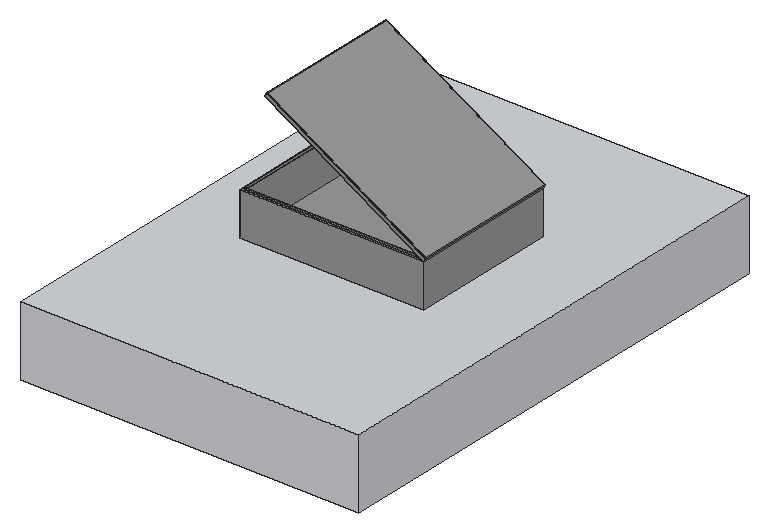
Revit family "Hager-Univers-IP44-D205-H650-Cl.II-Encl-BE-en", category Equipement électrique, Revit 2020
Family settings
  Hôte = Face
  Configuration du panneau = Deux colonnes, circuits au sein
  Cote de connecteur circulaire = Utiliser le diamètre
  Type d'élément = Tableau de raccordement
  Couper avec des vides une fois chargée = Non
  Partagée = Non
  Point de calcul de pièce = Non
Parameters (values of type "Surface mounted (plaster) IP44 W800 H650 D205  - FP43QS")
  Width Control [instance] = if([EF000008 - Width] > Min Width, [EF000008 - Width], Min Width)  # 800 mm
  Commentaires du type = [HG000003 - Range]  # "Univers"
  Thickness Door [instance] = if([EF009171 - Material plate thickness door/cover] > 3 mm, 3 mm, [EF009171 - Material plate thickness door/cover])  # 1 mm
  Seal Frame Offset [instance] = 17 mm  # constant formula
  Plinth Visibility [instance] = [HG000027 - Plinth height] > 0 mm  # no
  Model = ""
  Min Width [instance] = 100 mm  # constant formula
  Min Height [instance] = 100 mm  # constant formula
  Min Depth [instance] = (2 * [EF009170 - Material plate thickness cabinet]) + 1 mm  # 3 mm
  Internal Frame Depth [instance] = (Door System Depth * 0.5)  # 9 mm
  Height Control [instance] = if([EF000040 - Height] > Min Height, [EF000040 - Height], Min Height)  # 650 mm
  HG000027 - Plinth height = 0 mm
  HG000026 - Floor standing = no
  HG000024 - Bottom section height = 800 mm
  HG000023 - Double section enclosure = no
  HG000016 - Door 3d visibility [instance] = yes
  HG000015 - Clearance visibility [instance] = no
  HG000014 - Door on the right [instance] = yes
  HG000013 - Door on the left [instance] = not([HG000014 - Door on the right])  # no
  HG000012 - Door swing angle [instance] = 30.00°
  HG000010 - Asymmetric doors = no
  HG000009 - Double swing door = no
  HG000006 - Flush mounted = no
  HG000004 - Manufacturer reference = "FP43QS"
  HG000003 - Range = "Univers"
  HG000002 - With door or cover = yes
  Frame Offset Bottom [instance] = 10 mm  # constant formula
  Frame Offset [instance] = 15 mm  # constant formula
  EF015940 - Cover with overpressure release = no
  EF011959 - Degree of protection (NEMA) = ""
  EF009554 - Number of openings for flange plates = 6
  EF009212 - Cover model = "EV000116 - Closed"
  EF009171 - Material plate thickness door/cover = 1 mm
  EF009170 - Material plate thickness cabinet = 1 mm
  Fabricant = "Hager"  # constant formula
  EF008873 - Nominal current (In) = 250 A
  EF007800 - Suitable for lightning protection = no
  EF006306 - With lock = no
  EF006244 - Transparent cover/door = no
  EF005474 - Degree of protection (IP) = "EV006418 - IP44"
  EF004464 - Type of door = "EV002646 - Single"
  EF004427 - Number of modules = 144
  EF004293 - Impact strength = "EV006815 - IK09"
  EF003532 - Suitable for outdoor use = no
  EF002950 - Width in number of modular spacings = 36
  EF001613 - Circuit integrity = "EV000494 - None"
  EF001596 - Material housing = "EV000179 - Steel"
  EF001131 - Internal depth = 143 mm
  EF001088 - Extension possible = yes
  EF000437 - Number of conduit inlets = 6
  EF000339 - Type of cover = "EV001012 - Cover"
  EF000266 - Number of rows = 4
  EF000218 - Built-in depth = 0 mm
  EF000118 - With mounting plate = no
  EF000116 - RAL-number = "9010"
  EF000049 - Depth = 205 mm
  EF000040 - Height = 650 mm
  EF000008 - Width = 800 mm
  EF000007 - Colour = "EV000202 - White"
  EF000003 - Mounting method = "EV000384 - Surface mounted (plaster)"
  Door System Leaf Tolerance [instance] = 1.5 mm  # constant formula
  Door System Depth [instance] = 18 mm  # constant formula
  Door Height [instance] = Height Control - [HG000027 - Plinth height]  # 650 mm
  Depth Control [instance] = if([EF000049 - Depth] > Min Depth, [EF000049 - Depth], Min Depth)  # 205 mm
  Default Elevation = 0 mm
  Connector Offset [instance] = Height Control / 2  # 325 mm
  Bottom Top Plate Trim [instance] = 1.5 mm  # constant formula
  Plinth height Ctrl [instance] = if([HG000027 - Plinth height] > 0 mm, [HG000027 - Plinth height], 12 mm)  # 12 mm
Types (5, lengths in mm): name | Width Control | HG000009 - Double swing door | HG000004 - Manufacturer reference | EF009554 - Number of openings for flange plates | EF004464 - Type of door | EF004427 - Number of modules | EF002950 - Width in number of modular spacings | EF000437 - Number of conduit inlets | EF000008 - Width
  Surface mounted (plaster) IP44 W1050 H650 D205  - FP44QS | 1050 | yes | "FP44QS" | 8 | "EV003602 - Double" | 192 | 48 | 8 | 1050
  Surface mounted (plaster) IP44 W1300 H650 D205  - FP45QS | 1300 | yes | "FP45QS" | 10 | "EV003602 - Double" | 240 | 60 | 10 | 1300
  Surface mounted (plaster) IP44 W300 H650 D205  - FP41QS | 300 | no | "FP41QS" | 2 | "EV002646 - Single" | 48 | 12 | 2 | 300
  Surface mounted (plaster) IP44 W550 H650 D205  - FP42QS | 550 | no | "FP42QS" | 4 | "EV002646 - Single" | 96 | 24 | 4 | 550
  Surface mounted (plaster) IP44 W800 H650 D205  - FP43QS | 800 | no | "FP43QS" | 6 | "EV002646 - Single" | 144 | 36 | 6 | 800
Reference planes
  plane 1 "Center (Front/Back)": y = 0
  plane 2: z = 0
  plane 3 "Center (Left/Right)": x = 0
  plane 4: z = 205
  plane 5: y = 1
  plane 6: y = 325
  plane 7: y = 0
  plane 8: y = 650
  plane 9: z = 0
  plane 10: x = -385
  plane 11: x = 385
  plane 12: x = 384
  plane 13: x = -384
  plane 14: y = 649
  plane 15: x = -383
  plane 16: x = -400
  plane 17: x = 383
  plane 18: x = 400
  plane 19: x = 399
  plane 20: x = -399
  plane 21: y = 11
  plane 22: y = 650
  plane 23: y = 634
  plane 24: z = 187
  plane 25: z = 1
  plane 26: z = 186
  plane 27: z = 204
Forms (mm)
  Extrusion 1, solid
    sketch origin (0, 0, 0) x (1, 0, 0) y (0, 1, 0)
      loop
        line (-702.964, 1305) -> (-702.964, -811.445) -> (766.763, -811.445) -> (766.763, 1305) -> (-702.964, 1305)
    from 0 to -304.8
  Extrusion 2, solid, material "Hager_Steel_RAL7035_Light_Grey", visible <- "Plinth Visibility", detail levels medium+fine
    sketch origin (0, 0, 0) x (1, 0, 0) y (0, 1, 0)
      loop
        line (-400, 0) -> (400, 0) -> (400, 12) -> (-400, 12) -> (-400, 0)
    from 0 to 187
  Extrusion 3, solid, material "Hager_Steel_RAL7035_Light_Grey", detail levels medium+fine
    sketch origin (0, 0, 0) x (1, 0, 0) y (0, 1, 0)
      loop
        line (-400, 0) -> (400, 0) -> (400, 650) -> (-400, 650) -> (-400, 0)
    from 0 to 187
  Extrusion 4, void
    sketch origin (0, 0, 0) x (1, 0, 0) y (0, 1, 0)
      loop
        line (-399, 1) -> (399, 1) -> (399, 649) -> (-399, 649) -> (-399, 1)
    from 1 to 186
  Extrusion 5, void
    sketch origin (-381.607, -4572, 187) x (0, -1, 0) y (-1, 0, 0)
      loop
        line (-4583, 2.393) -> (-5206, 2.393) -> (-5206, -765.607) -> (-4583, -765.607) -> (-4583, 2.393)
    from 0 to 1 <- "EF009170 - Material plate thickness cabinet"
  Extrusion 6, solid, material "Hager_Steel_RAL7035_Light_Grey", detail levels fine
    sketch origin (0, 0, 187) x (1, 0, 0) y (0, 1, 0)
      loop
        line (-384, 634) -> (-384, 11) -> (384, 11) -> (384, 634) -> (-384, 634)
      loop
        line (-385, 10) -> (385, 10) -> (385, 635) -> (-385, 635) -> (-385, 10)
    from 0 to 9 <- "Internal Frame Depth"
  Extrusion 7, solid, material "Hager_Steel_RAL7035_Light_Grey", detail levels coarse
    sketch origin (0, 0, 0) x (1, 0, 0) y (0, 1, 0)
      loop
        line (-400, 0) -> (400, 0) -> (400, 650) -> (-400, 650) -> (-400, 0)
    from 0 to 205
  Sweep 8, void
    path in 3D
      loop
        line (-400, 12, 0) -> (400, 12, 0) -> (400, 12, 187) -> (-400, 12, 187) -> (-400, 12, 0)
    profile origin (-400, 12, 93.5) x (-1, 0, 0) y (0, -1, 0)
      loop
        line (0, 0) -> (0, 1.5) -> (-1.5, 1.5)
        arc (-1.5, 1.5) -> (-1.061, 0.439) -> (0, 0) r 1.5
Cuts and joins
  Extrusion 4, Extrusion 5 cuts Extrusion 3
  Sweep 8 cuts Extrusion 2
Lines and regions (mm)
  Masking region 1
    outline origin (0, 0, 0) x (1, 0, 0) y (0, 0, 1)
      loop
        line (-400, 205) -> (-400, 0) -> (400, 0) -> (400, 205) -> (-400, 205)
  Masking region 2, detail levels medium+fine
    outline origin (0, 140, 0) x (0, 1, 0) y (0, 0, 1)
      loop
        line (-140, 0) -> (510, 0) -> (510, 187) -> (-140, 187) -> (-140, 0)
  Masking region 3, not visible, detail levels medium+fine
    outline origin (0, 297.922, 0) x (0, 1, 0) y (0, 0, 1)
      loop
        line (38.578, 0) -> (78.578, 0) -> (78.578, 194)
        arc (78.578, 194) -> (75.649, 201.071) -> (68.578, 204) r 10
        line (68.578, 204) -> (38.578, 204) -> (38.578, 0)
  Masking region 4, detail levels coarse
    outline origin (0, 0, 180) x (0, 1, 0) y (0, 0, 1)
      loop
        line (0, -180) -> (650, -180) -> (650, 25) -> (0, 25) -> (0, -180)
  Masking region 5, visible <- "Plinth Visibility", detail levels medium+fine
    outline origin (0, 52.24, 12.345) x (0, 0, -1) y (0, 1, 0)
      loop
        line (10.845, -40.24) -> (-173.155, -40.24)
        arc (-173.155, -40.24) -> (-173.594, -41.301) -> (-174.655, -41.74) r 1.5
        line (-174.655, -41.74) -> (-174.655, -52.24) -> (12.345, -52.24) -> (12.345, -41.74)
        arc (12.345, -41.74) -> (11.285, -41.301) -> (10.845, -40.24) r 1.5
  Masking region 6, detail levels medium+fine
    outline origin (-381.607, -4572, 187) x (-1, 0, 0) y (0, -1, 0)
      loop
        line (18.393, -5222) -> (18.393, -4572) -> (-781.607, -4572) -> (-781.607, -5222) -> (18.393, -5222)
  Masking region 7, visible <- "Plinth Visibility", detail levels medium+fine
    outline origin (-381.607, -4727, 187) x (-1, 0, 0) y (0, -1, 0)
      loop
        arc (16.893, -4739) -> (17.332, -4737.939) -> (18.393, -4737.5) r 1.5
        line (18.393, -4737.5) -> (18.393, -4727) -> (-781.607, -4727) -> (-781.607, -4737.5)
        arc (-781.607, -4737.5) -> (-780.546, -4737.939) -> (-780.107, -4739) r 1.5
        line (-780.107, -4739) -> (16.893, -4739)
  Masking region 8, detail levels coarse
    outline origin (-442.548, -4669.526, 187) x (-1, 0, 0) y (0, -1, 0)
      loop
        line (-42.548, -5319.526) -> (-42.548, -4669.526) -> (-842.548, -4669.526) -> (-842.548, -5319.526) -> (-42.548, -5319.526)
  sketch lines
    curve 1: line (-400, 12, 187) -> (-400, 12, 0)
    curve 2: line (400, 12, 187) -> (-400, 12, 187)
    curve 3: line (400, 12, 187) -> (400, 12, 0)
    curve 4: line (-400, 12, 0) -> (400, 12, 0)
Dimensions and locks
  "Depth Control": plane 4 to Extrusion 1
  "HG000027 - Plinth height": plane 1 "Center (Front/Back)" to plane 7
  "EF009170 - Material plate thickness cabinet": plane 5 to plane 7
  locked: connector elem to plane 3 "Center (Left/Right)"
  equal spacing: plane 8, plane 6, plane 7
  locked: connector elem to plane 6
  "EF009170 - Material plate thickness cabinet": plane 8 to plane 14
  "EF009170 - Material plate thickness cabinet": plane 10 to plane 13
  "EF009170 - Material plate thickness cabinet": plane 12 to plane 11
  "Frame Offset": plane 20 to plane 13
  "Frame Offset": plane 12 to plane 19
  "EF009170 - Material plate thickness cabinet": plane 16 to plane 20
  "EF009170 - Material plate thickness cabinet": plane 19 to plane 18
  "Seal Frame Offset": plane 16 to plane 15
  "Seal Frame Offset": plane 17 to plane 18
  "Frame Offset Bottom": plane 21 to plane 5
  "Frame Offset": plane 14 to plane 23
  equal spacing: plane 16, plane 3 "Center (Left/Right)", plane 18
  "Width Control": plane 16 to plane 18
  "EF009170 - Material plate thickness cabinet": plane 4 to plane 27
  "EF009170 - Material plate thickness cabinet": plane 24 to plane 26
  "EF009170 - Material plate thickness cabinet": plane 25 to level
  "Door System Depth": plane 4 to plane 24
  "Height Control": plane 1 "Center (Front/Back)" to Extrusion 7 sketch curve
  "Height Control": Masking region 4 sketch curve to plane 1 "Center (Front/Back)"
  "Height Control": plane 1 "Center (Front/Back)" to plane 22
  "Bottom Top Plate Trim": profile plane to Sweep 8 sketch curve
  "Bottom Top Plate Trim": Sweep 8 sketch curve to profile plane
  "Plinth height Ctrl": plane 1 "Center (Front/Back)" to Extrusion 2 sketch curve
  "Plinth height Ctrl": Masking region 5 sketch curve to plane 1 "Center (Front/Back)"
  "Plinth height Ctrl": plane 1 "Center (Front/Back)" to Masking region 7 sketch curve
  "Thickness Door": Extrusion 6 sketch curve to Extrusion 6 sketch curve  (x3)
  "Thickness Door": cut or joined group of Extrusion 3, Extrusion 4, Extrusion 5 to Extrusion 6 sketch curve
  radius of Masking region 3 sketch curve = 10 mm
  "Bottom Top Plate Trim": radius of Masking region 5 sketch curve  (x2)
  "Bottom Top Plate Trim": radius of Sweep 8 sketch curve
  "Bottom Top Plate Trim": radius of Masking region 7 sketch curve  (x2)
  aligned and locked: plane 2 to Extrusion 1
  aligned and locked: level to Extrusion 1
  aligned and locked: level to Masking region 1 sketch curve
  aligned and locked: Masking region 1 sketch curve to plane 18
  aligned and locked: Masking region 1 sketch curve to plane 16
  aligned and locked: plane 7 to Masking region 2 sketch curve
  aligned and locked: level to Masking region 3 sketch curve
  aligned and locked: Masking region 3 sketch curve to plane 27
  aligned and locked: level to Masking region 2 sketch curve
  aligned and locked: plane 1 "Center (Front/Back)" to Extrusion 2 sketch curve
  aligned and locked: Extrusion 3 sketch curve to plane 7
  aligned and locked: plane 16 to Extrusion 3 sketch curve
  aligned and locked: plane 18 to Extrusion 3 sketch curve
  aligned and locked: plane 20 to Extrusion 4 sketch curve
  aligned and locked: plane 19 to Extrusion 4 sketch curve
  aligned and locked: Extrusion 4 sketch curve to plane 5
  aligned and locked: Extrusion 4 to plane 25
  aligned and locked: plane 26 to Extrusion 4
  aligned and locked: plane 24 to Extrusion 3
  aligned and locked: Extrusion 5 sketch curve to plane 21
  aligned and locked: Extrusion 5 sketch curve to plane 13
  aligned and locked: Extrusion 5 sketch curve to plane 12
  aligned and locked: plane 18 to Extrusion 7 sketch curve
  aligned and locked: plane 1 "Center (Front/Back)" to Extrusion 7 sketch curve
  aligned and locked: plane 16 to Extrusion 7 sketch curve
  aligned and locked: plane 4 to Extrusion 7
  aligned and locked: Extrusion 7 to level
  aligned and locked: level to Masking region 4 sketch curve
  aligned and locked: Masking region 4 sketch curve to plane 1 "Center (Front/Back)"
  aligned and locked: Masking region 4 sketch curve to plane 4
  aligned and locked: nested 1 to level
  aligned and locked: nested 1 to plane 16
  aligned and locked: plane 8 to Extrusion 3 sketch curve
  aligned and locked: plane 23 to Extrusion 5 sketch curve
  aligned and locked: plane 14 to Extrusion 4 sketch curve
  aligned and locked: Masking region 2 sketch curve to plane 8
  aligned and locked: level to Masking region 5 sketch curve
  aligned and locked: plane 16 to Extrusion 2 sketch curve
  aligned and locked: plane 18 to Extrusion 2 sketch curve
  aligned and locked: Masking region 5 sketch curve to plane 24
  aligned and locked: Masking region 2 sketch curve to plane 24
  aligned and locked: plane 24 to Extrusion 2
  aligned and locked: profile plane to Sweep 8 sketch curve  (x2)
  aligned and locked: Masking region 6 sketch curve to plane 18
  aligned and locked: Masking region 6 sketch curve to plane 22
  aligned and locked: Masking region 6 sketch curve to plane 16
  aligned and locked: plane 8 to plane 22
  aligned and locked: Masking region 6 sketch curve to plane 7
  aligned and locked: Masking region 7 sketch curve to plane 16
  aligned and locked: Masking region 7 sketch curve to plane 1 "Center (Front/Back)"
  aligned and locked: Masking region 7 sketch curve to plane 18
  aligned and locked: Masking region 8 sketch curve to plane 1 "Center (Front/Back)"
  aligned and locked: Masking region 8 sketch curve to plane 18
  aligned and locked: Masking region 8 sketch curve to plane 22
  aligned and locked: Masking region 8 sketch curve to plane 16
  aligned and locked: nested 2 to plane 7
  aligned and locked: plane 3 "Center (Left/Right)" to nested 2
  aligned and locked: nested 2 to plane 24
  aligned and locked: Extrusion 6 sketch curve to cut or joined group of Extrusion 3, Extrusion 4, Extrusion 5  (x4)
Automatic sketch dimensions
  Extrusion 1 sketch curve to Extrusion 1 sketch curve = 1469.727 mm
  Extrusion 1 sketch curve to Extrusion 1 sketch curve = 2116.445 mm
  Masking region 1 sketch curve to plane 4 = 0 mm
  plane 6 to Masking region 3 sketch curve = 11.5 mm
  Masking region 3 sketch curve to Masking region 3 sketch curve = 30 mm
  Masking region 5 sketch curve to plane 1 "Center (Front/Back)" = 0 mm
Nested families
  nested 1: "Hager_Enclosure_Symbol" at (-400, 0, 0) x (1, 0, 0) z (0, -1, 0), Height <- "Depth Control", Width <- "Width Control", type "Hager_Enclosure_Symbol"
    with Width_Ctrl 800 mm, Width 800 mm, Height_Ctrl 205 mm, Height 205 mm, A_Width_Int 13.453 mm, A_Width 161.438 mm, A_Height_Ctrl 179.375 mm, A_Height 179.375 mm
  nested 2: "EC000058_Univers_Door" at (0, 0, 187) x (1, 0, 0) z (0, 1, 0), Leaf_Tolerance <- "Door System Leaf Tolerance", Angle <- "HG000012 - Door swing angle", Door_Depth <- "Door System Depth", Door_Left <- "HG000013 - Door on the left", Transparent <- "EF006244 - Transparent cover/door", Assymetrical <- "HG000010 - Asymmetric doors", Width <- "Width Control", Clearance <- "HG000015 - Clearance visibility", Double <- "HG000009 - Double swing door", 3d_Door <- "HG000016 - Door 3d visibility", Lock_Visibility <- "EF006306 - With lock", Width_Ctrl <- "Width Control", Door_Right <- "HG000014 - Door on the right", Door <- "HG000002 - With door or cover", Height <- "Door Height", Thickness <- "Thickness Door", type "EC000058_Univers_Door", detail levels medium+fine
    with min_wh 3 mm, Width_Ctrl 800 mm, Width 800 mm, Transparent no, Thickness 1 mm, Seal_Material Hager_Rubber, Lock_Visibility no, Lock_Material Hager_Plastic_RAL9005_Jet_Black, Leaf_Width 800 mm, Leaf_Tolerance_External_Sides 0 mm, Leaf_Tolerance 1.5 mm, Leaf_Offset 0 mm, Leaf_Height 647 mm, Leaf_2_Width 800 mm, Leaf_2_Offset 400 mm, Leaf_1_Width 800 mm, Leaf_1_Offset 400 mm, Height_Ctrl 650 mm, Height 650 mm, Glass_Material Hager_Glass, Double_Clearance_Ctrl no, Double no, Door_Right_Ctrl yes, Door_Right yes, Door_Material Hager_Steel_RAL7035_Light_Grey, Door_Left_Ctrl no, Door_Left no, Door_Depth 18 mm, Door yes, Clearance_Material Hager_Clearance, Clearance_Depth 800 mm, Clearance_Ctrl no, Clearance no, Assymetrical no, Angle 30.00°, 3d_Door yes
Connectors
  electrical at (0, 325, 0)
    settings: on plane 9, index 1, voltage 0 V, apparent load 0 VA, apparent load phase1 0 VA, apparent load phase2 0 VA, apparent load phase3 0 VA, power factor 1, load classification "Other", number of poles 1, system type 30, power factor state 1, is connector primary yes, connector utility no, sub classification motor no, connector description ""
Definition of nested family "EC000058_Univers_Door"
  Parameters (values of type "EC000058_Univers_Door")
    min_wh [instance] = (2 * Thickness) + 1 mm  # 11 mm
    Width_Ctrl [instance] = 400 mm
    Width [instance] = 500 mm
    Transparent [instance] = yes
    Thickness [instance] = 5 mm
    Seal_Material [instance] = none
    Lock_Visibility [instance] = yes
    Lock_Material [instance] = none
    Leaf_Width [instance] = if((Width_Ctrl - 2 * Leaf_Tolerance_External_Sides) > 0 mm, (Width_Ctrl - 2 * Leaf_Tolerance_External_Sides), min_wh)  # 400 mm
    Leaf_Tolerance_External_Sides [instance] = 0 mm  # constant formula
    Leaf_Tolerance [instance] = 1.5 mm
    Leaf_Offset [instance] = 0 mm  # constant formula
    Leaf_Height [instance] = if((Height_Ctrl - 2 * Leaf_Tolerance) > 0 mm, (Height_Ctrl - 2 * Leaf_Tolerance), min_wh)  # 497 mm
    Leaf_2_Width [instance] = if(and(and(Double, Assymetrical), Door_Left), (Leaf_Width / 3) - (Leaf_Tolerance / 2), if(and(and(Double, Assymetrical), Door_Right), (Leaf_Width / 3) * 2 - (Leaf_Tolerance / 2), if(and(Double, not(Assymetrical)), (Leaf_Width / 2) - Leaf_Tolerance, Leaf_Width)))  # 400 mm
    Leaf_2_Offset [instance] = if(and(Double, Assymetrical), Leaf_2_Width / 2, if(and(Double, not(Assymetrical)), Leaf_Width / 4, Leaf_Width / 2))  # 200 mm
    Leaf_1_Width [instance] = if(and(and(Double, Assymetrical), Door_Right), (Leaf_Width / 3) - (Leaf_Tolerance / 2), if(and(and(Double, Assymetrical), Door_Left), (Width / 3) * 2 - (Leaf_Tolerance / 2), if(and(Double, not(Assymetrical)), (Leaf_Width / 2) - Leaf_Tolerance, Leaf_Width)))  # 400 mm
    Leaf_1_Offset [instance] = if(and(Double, Assymetrical), Leaf_1_Width / 2, if(and(Double, not(Assymetrical)), Leaf_Width / 4, Leaf_Width / 2))  # 200 mm
    Height_Ctrl [instance] = if(Height > min_wh, Height, min_wh)  # 500 mm
    Height [instance] = 500 mm
    Glass_Material [instance] = none
    Double_Clearance_Ctrl [instance] = and(Double, Clearance)  # no
    Double [instance] = no
    Door_Right_Ctrl [instance] = and(or(Door_Right, Double), Door)  # yes
    Door_Right [instance] = yes
    Door_Material [instance] = none
    Door_Left_Ctrl [instance] = and(or(Door_Left, Double), Door)  # no
    Door_Left [instance] = no
    Door_Depth [instance] = 30 mm
    Door [instance] = yes
    Default Elevation = 1219.2 mm
    Clearance_Material [instance] = none
    Clearance_Depth [instance] = if(Leaf_1_Width > Leaf_2_Width, Leaf_1_Width, Leaf_2_Width)  # 400 mm
    Clearance_Ctrl [instance] = and(not(Double), Clearance)  # yes
    Clearance [instance] = yes
    Assymetrical [instance] = yes
    Angle [instance] = 30.00°
    3d_Door [instance] = yes
  Reference planes
    plane 1 "Center (Front/Back)": y = 0
    plane 2 "Bottom": z = 0
    plane 3 "Center (Left/Right)": x = 0
    plane 4: z = 500
    plane 5: x = -200
    plane 6: x = 200
    plane 7: z = 500
    plane 8: x = -200
    plane 9: z = 0
    plane 10: x = 200
    plane 11: y = 0
    plane 12: z = 1.5
    plane 13: x = -600
    plane 14: y = -400
    plane 15: x = 600
    plane 16: x = 0
    plane 17: x = 0
    plane 18: x = -200
    plane 19: x = 200
    plane 20: z = 498.5
  Forms (mm)
    Extrusion 1, solid, material <- "Clearance_Material", visible <- "Double_Clearance_Ctrl"
      sketch origin (1200, 0, 0) x (1, 0, 0) y (0, 0, -1)
        loop
          line (-1800, -498.5) -> (-600, -498.5) -> (-600, 0) -> (-1800, 0) -> (-1800, -498.5)
      from 0 to -400
  Dimensions and locks
    equal spacing: plane 5, plane 3 "Center (Left/Right)", plane 6
    "Width_Ctrl": plane 5 to plane 6
    "Leaf_Offset": plane 5 to plane 8
    "Leaf_Offset": plane 6 to plane 10
    "Leaf_Offset": plane 9 to level
    "Leaf_Offset": plane 4 to plane 7
    "Height_Ctrl": plane 4 to level
    "Leaf_Tolerance": plane 12 to plane 9
    locked: plane 11 to plane 1 "Center (Front/Back)"
    "Leaf_1_Offset": plane 18 to plane 16
    "Leaf_2_Offset": plane 17 to plane 19
    "Leaf_1_Width": plane 13 to plane 8
    "Leaf_2_Width": plane 10 to plane 15
    "Clearance_Depth": plane 14 to plane 1 "Center (Front/Back)"
    "Leaf_Tolerance_External_Sides": plane 8 to plane 18
    "Leaf_Tolerance_External_Sides": plane 19 to plane 10
    "Leaf_Tolerance": plane 7 to plane 20
    aligned and locked: level to plane 2 "Bottom"
    aligned and locked: nested 1 to plane 16
    aligned and locked: nested 2 to plane 17
    aligned and locked: Extrusion 1 to plane 13
    aligned and locked: plane 15 to Extrusion 1
    aligned and locked: Extrusion 1 to plane 14
    aligned and locked: plane 12 to nested 1
    aligned and locked: nested 2 to plane 12
    aligned and locked: Extrusion 1 to plane 11
    aligned and locked: plane 20 to Extrusion 1
    aligned and locked: nested 2 to plane 11
    aligned and locked: nested 1 to plane 11
  Automatic sketch dimensions
    Extrusion 1 sketch curve to level = 0 mm
    plane 5 to Extrusion 1 sketch curve = 400 mm
    plane 6 to Extrusion 1 sketch curve = 400 mm
    Extrusion 1 sketch curve to plane 4 = 1.5 mm
  Nested families
    nested 1: "EC000058_Univers_Door_Leaf" at (0, 0, 1.5), Width <- "Leaf_1_Width", visible <- "Door_Left_Ctrl", Leaf_Height <- "Leaf_Height", Angle <- "Angle", 3d_Door <- "3d_Door", Transparent <- "Transparent", Clearance Material <- "Clearance_Material", Clearance <- "Clearance_Ctrl", Door_Material <- "Door_Material", Glass_Material <- "Glass_Material", Door_Depth <- "Door_Depth", Lock_Material <- "Lock_Material", Seal_Material <- "Seal_Material", Lock_Visibility <- "Lock_Visibility", Thickness <- "Thickness", type "EC000058_Univers_Door_Leaf"
      with Width 400 mm, Transparent_Glass_Offset 30 mm, Transparent_Ctrl yes, Transparent yes, Thickness 5 mm, Standard no, Seal_Material none, Seal_D2 8 mm, Seal_D1 1 mm, Offset_Internal_Frame 10 mm, Lock_Width 20 mm, Lock_Visibility_3d yes, Lock_Visibility yes, Lock_Thickness_3 3 mm, Lock_Thickness_2 1 mm, Lock_Thickness_1 3 mm, Lock_Radius_Offset_2 16 mm, Lock_Radius_Offset_1 15 mm, Lock_Radius_2 5 mm, Lock_Radius 6 mm, Lock_Offset 5 mm, Lock_Material none, Lock_Height 80 mm, Lock_Cover_Top_Offset_2d 17 mm, Lock_Cover_Height -65 mm, Leaf_Height 497 mm, Internal_Seal_Thickness 8 mm, Internal_Seal_Depth_2 4.5 mm, Internal_Frame_Depth 25 mm, Glass_Thickness -1 mm, Glass_Offset -2 mm, Glass_Material none, Door_Material none, Door_Depth 30 mm, Clearance Material none, Clearance yes, Angle_Ctrl 30.00°, Angle 30.00°, 3d_Door yes
    nested 2: "EC000058_Univers_Door_Leaf" at (0, 0, 1.5) x (-1, 0, 0) z (0, 0, 1), Width <- "Leaf_2_Width", visible <- "Door_Right_Ctrl", Leaf_Height <- "Leaf_Height", Angle <- "Angle", 3d_Door <- "3d_Door", Transparent <- "Transparent", Clearance Material <- "Clearance_Material", Clearance <- "Clearance_Ctrl", Door_Material <- "Door_Material", Glass_Material <- "Glass_Material", Door_Depth <- "Door_Depth", Lock_Material <- "Lock_Material", Seal_Material <- "Seal_Material", Lock_Visibility <- "Lock_Visibility", Thickness <- "Thickness", type "EC000058_Univers_Door_Leaf"
      with Width 400 mm, Transparent_Glass_Offset 30 mm, Transparent_Ctrl yes, Transparent yes, Thickness 5 mm, Standard no, Seal_Material none, Seal_D2 8 mm, Seal_D1 1 mm, Offset_Internal_Frame 10 mm, Lock_Width 20 mm, Lock_Visibility_3d yes, Lock_Visibility yes, Lock_Thickness_3 3 mm, Lock_Thickness_2 1 mm, Lock_Thickness_1 3 mm, Lock_Radius_Offset_2 16 mm, Lock_Radius_Offset_1 15 mm, Lock_Radius_2 5 mm, Lock_Radius 6 mm, Lock_Offset 5 mm, Lock_Material none, Lock_Height 80 mm, Lock_Cover_Top_Offset_2d 17 mm, Lock_Cover_Height -65 mm, Leaf_Height 497 mm, Internal_Seal_Thickness 8 mm, Internal_Seal_Depth_2 4.5 mm, Internal_Frame_Depth 25 mm, Glass_Thickness -1 mm, Glass_Offset -2 mm, Glass_Material none, Door_Material none, Door_Depth 30 mm, Clearance Material none, Clearance yes, Angle_Ctrl 30.00°, Angle 30.00°, 3d_Door yes
  Definition of nested family "EC000058_Univers_Door_Leaf"
    Parameters (values of type "EC000058_Univers_Door_Leaf")
      Width [instance] = 2000 mm
      Transparent_Glass_Offset [instance] = 30 mm
      Transparent_Ctrl [instance] = and(Transparent, [3d_Door])  # yes
      Transparent [instance] = yes
      Thickness [instance] = 5 mm
      Standard [instance] = and(not(Transparent), [3d_Door])  # no
      Seal_Material [instance] = none
      Seal_D2 [instance] = 8 mm  # constant formula
      Seal_D1 [instance] = 1 mm  # constant formula
      Offset_Internal_Frame [instance] = 10 mm  # constant formula
      Lock_Width [instance] = 20 mm  # constant formula
      Lock_Visibility_3d [instance] = and(Lock_Visibility, [3d_Door])  # yes
      Lock_Visibility [instance] = yes
      Lock_Thickness_3 [instance] = 3 mm  # constant formula
      Lock_Thickness_2 [instance] = 1 mm  # constant formula
      Lock_Thickness_1 [instance] = 3 mm  # constant formula
      Lock_Radius_Offset_2 [instance] = Lock_Radius_Offset_1 + 1 mm  # 16 mm
      Lock_Radius_Offset_1 [instance] = 15 mm  # constant formula
      Lock_Radius_2 [instance] = Lock_Radius - 1 mm  # 5 mm
      Lock_Radius [instance] = 6 mm  # constant formula
      Lock_Offset [instance] = 5 mm  # constant formula
      Lock_Material [instance] = none
      Lock_Height [instance] = 80 mm  # constant formula
      Lock_Cover_Top_Offset_2d [instance] = Lock_Radius_Offset_2 + 1 mm  # 17 mm
      Lock_Cover_Height [instance] = -(Lock_Height - Lock_Radius_Offset_1)  # -65 mm
      Leaf_Height [instance] = 2720.336 mm
      Internal_Seal_Thickness [instance] = 8 mm  # constant formula
      Internal_Seal_Depth_2 [instance] = 4.5 mm  # constant formula
      Internal_Frame_Depth [instance] = if(Door_Depth - Thickness > 5 mm, Door_Depth - Thickness, 5 mm)  # 25 mm
      Glass_Thickness [instance] = if(Thickness > 15 mm, Glass_Offset + 10 mm, -1 mm)  # -1 mm
      Glass_Offset [instance] = if(Thickness > 15 mm, -(Thickness + 10 mm) / 2, -2 mm)  # -2 mm
      Glass_Material [instance] = none
      Door_Material [instance] = none
      Door_Depth [instance] = 30 mm
      Default Elevation = 0 mm
      Clearance Material [instance] = none
      Clearance [instance] = yes
      Angle_Ctrl [instance] = if(Angle > 180.00°, 180.00°, Angle)  # 90.00°
      Angle [instance] = 90.00°
      3d_Door [instance] = yes
    Reference planes
      plane 1 "Center (Front/Back)": y = 0
      plane 2: z = 0
      plane 3 "Center (Left/Right)": x = 0
      plane 4: y = 2000
      plane 5: x = -1000
      plane 6: x = 1000
      plane 7: x = -3000
      plane 8: z = 2720.336
      plane 9: z = 30
      plane 10: z = 2690.336
      plane 11: x = 970
      plane 12: x = -970
      plane 13: y = -3
      plane 14: z = 107.833
      plane 15: y = -5
      plane 16: y = -223.314
      plane 17: x = -1000
      plane 18: z = 1360.168
      plane 19: y = 30
    Forms (mm)
      Extrusion 1, solid, material <- "Clearance Material", visible <- "Clearance"
        sketch origin (0, 0, 0) x (1, 0, 0) y (0, 0, 1)
          loop
            line (-3000, 2720.336) -> (-3000, 0) -> (1000, 0) -> (1000, 2720.336) -> (-3000, 2720.336)
        from 0 to -2000
      Extrusion 2, solid, material <- "Door_Material", visible <- "Standard", detail levels medium+fine
        sketch origin (-1000, 0, 0) x (0, 1, 0) y (-1, 0, 0)
          loop
            line (0, 30) -> (0, 25) -> (2000, 25) -> (2000, 30) -> (0, 30)
        from 0 to 2720.336 <- "Leaf_Height"
      Extrusion 3, solid, material <- "Door_Material", visible <- "Transparent_Ctrl", detail levels medium+fine
        sketch origin (-1000, 0, 0) x (0, 1, 0) y (-1, 0, 0)
          loop
            line (0, 25) -> (2000, 25) -> (2000, 30) -> (0, 30) -> (0, 25)
        from 0 to 2720.336 <- "Leaf_Height"
      Extrusion 4, void
        sketch origin (-1025, 2000, 0) x (0, 1, 0) y (0, 0, -1)
          loop
            line (-30, -2690.336) -> (-30, -30) -> (-1970, -30) -> (-1970, -2690.336) -> (-30, -2690.336)
        from 0 to 5 <- "Thickness"
      Sweep 5, solid, material <- "Seal_Material", visible <- "Transparent_Ctrl", detail levels fine
        path in 3D
          loop
            line (-1025, 30, 30) -> (-1025, 30, 2690.336) -> (-1025, 1970, 2690.336) -> (-1025, 1970, 30) -> (-1025, 30, 30)
        profile origin (-1025, 1000, 30) x (1, 0, 0) y (0, 0, 1)
          loop
            line (0, 0) -> (0, -8) -> (1, -8) -> (1, 0) -> (0, 0)
      Extrusion 6, solid, material <- "Glass_Material", visible <- "Transparent_Ctrl", detail levels medium+fine
        sketch origin (-1030, 0, 0) x (0, 1, 0) y (0, 0, -1)
          loop
            line (1970, -2690.336) -> (1970, -30) -> (30, -30) -> (30, -2690.336) -> (1970, -2690.336)
        from -2 <- "Glass_Offset" to -1 <- "Glass_Thickness"
      Extrusion 7, solid, material <- "Door_Material", visible <- "3d_Door", detail levels medium+fine
        sketch origin (-1025, 2000, 0) x (0, -1, 0) y (0, 0, -1)
          loop
            line (0, -2720.336) -> (2000, -2720.336) -> (2000, 0) -> (0, 0) -> (0, -2720.336)
          loop
            line (1995, -5) -> (5, -5) -> (5, -2715.336) -> (1995, -2715.336) -> (1995, -5)
        from 0 to 25 <- "Internal_Frame_Depth"
      Sweep 8, solid, material <- "Seal_Material", visible <- "Transparent_Ctrl", detail levels fine
        path in 3D
          loop
            line (-1025, 0, 0) -> (-1025, 2000, 0) -> (-1025, 2000, 2720.336) -> (-1025, 0, 2720.336) -> (-1025, 0, 0)
        profile origin (-1025, 0, 1360.168) x (1, 0, 0) y (0, 1, 0)
          loop
            line (0, 10) -> (2.975, 10)
            arc (2.975, 10) -> (4.053, 10.447) -> (4.5, 11.525) r 1.525
            line (4.5, 11.525) -> (4.5, 16.527)
            arc (4.5, 16.527) -> (4.069, 17.569) -> (3.027, 18) r 1.473
            line (3.027, 18) -> (0, 18) -> (0, 10)
      Extrusion 9, solid, material <- "Lock_Material", visible <- "Lock_Visibility_3d", detail levels fine
        sketch origin (-1030, 0, 0) x (0, 1, 0) y (0, 0, -1)
          loop
            arc (1993.5, -1400.168) -> (1994.561, -1399.729) -> (1995, -1398.668) r 1.5
            line (1995, -1398.668) -> (1995, -1320.168) -> (1975, -1320.168) -> (1975, -1398.668)
            arc (1975, -1398.668) -> (1975.439, -1399.729) -> (1976.5, -1400.168) r 1.5
            line (1976.5, -1400.168) -> (1993.5, -1400.168)
        from 3 <- "Lock_Thickness_1" to 0
      Blend 10, solid, material <- "Lock_Material", visible <- "Lock_Visibility_3d", detail levels fine
        base sketch origin (-1033, 0, 0) x (0, 1, 0) y (0, 0, -1)
          loop
            line (1975, -1320.168) -> (1975, -1398.668)
            arc (1975, -1398.668) -> (1975.439, -1399.729) -> (1976.5, -1400.168) r 1.5
            line (1976.5, -1400.168) -> (1993.5, -1400.168)
            arc (1993.5, -1400.168) -> (1994.561, -1399.729) -> (1995, -1398.668) r 1.5
            line (1995, -1398.668) -> (1995, -1320.168) -> (1975, -1320.168)
        top sketch origin (-1033, 0, 0) x (0, 1, 0) y (0, 0, -1)
          loop
            line (1976, -1320.168) -> (1976, -1398.668)
            arc (1976, -1398.668) -> (1976.146, -1399.022) -> (1976.5, -1399.168) r 0.5
            line (1976.5, -1399.168) -> (1993.5, -1399.168)
            arc (1993.5, -1399.168) -> (1993.854, -1399.022) -> (1994, -1398.668) r 0.5
            line (1994, -1398.668) -> (1994, -1320.168) -> (1976, -1320.168)
        from 0 to 1 <- "Lock_Thickness_2"
      Blend 11, solid, material <- "Lock_Material", visible <- "Lock_Visibility_3d", detail levels fine
        base sketch origin (-1034, 0, 0) x (0, 1, 0) y (0, 0, -1)
          loop
            line (1978, -1320.168) -> (1978, -1384.168)
            arc (1978, -1384.168) -> (1985, -1391.168) -> (1992, -1384.168) r 7
            line (1992, -1384.168) -> (1992, -1320.168) -> (1978, -1320.168)
        top sketch origin (-1034, 0, 0) x (0, 1, 0) y (0, 0, -1)
          loop
            line (1991, -1320.168) -> (1979, -1320.168) -> (1979, -1383.168)
            arc (1979, -1383.168) -> (1985, -1389.168) -> (1991, -1383.168) r 6
            line (1991, -1383.168) -> (1991, -1320.168)
        from 0 to 3 <- "Lock_Thickness_3"
      Extrusion 12, solid, material <- "Lock_Material", visible <- "Lock_Visibility_3d", detail levels fine
        sketch origin (-1030, 1975, 1320.168) x (1, 0, 0) y (0, -1, 0)
          loop
            line (-7, -19) -> (-7, -1) -> (0, -1) -> (0, 0) -> (-8, 0) -> (-8, -20) -> (0, -20) -> (0, -19) -> (-7, -19)
        from 0 to -65 <- "Lock_Cover_Height"
      Extrusion 13, void
        sketch origin (-1038, 1995, 1320.168) x (-1, 0, 0) y (0, 0, -1)
          loop
            line (-5, -65) -> (0, -65) -> (-5, -60) -> (-5, -65)
        from 0 to 20 <- "Lock_Width"
      Extrusion 14, void
        sketch origin (-1038, 1975, 1320.168) x (0, -1, 0) y (0, 0, -1)
          loop
            circle (-10, -15.995) r 6
          loop
            circle (-10, -15.995) r 5
        from 0 to 2
      Extrusion 15, solid, material <- "Lock_Material", visible <- "Lock_Visibility_3d", detail levels medium
        sketch origin (-1030, 0, 0) x (0, 1, 0) y (0, 0, -1)
          loop
            arc (1993.5, -1400.168) -> (1994.561, -1399.729) -> (1995, -1398.668) r 1.5
            line (1995, -1398.668) -> (1995, -1320.168) -> (1975, -1320.168) -> (1975, -1398.668)
            arc (1975, -1398.668) -> (1975.439, -1399.729) -> (1976.5, -1400.168) r 1.5
            line (1976.5, -1400.168) -> (1993.5, -1400.168)
        from 8 to 0
    Cuts and joins
      Extrusion 4 cuts Extrusion 3
      Extrusion 13, Extrusion 14 cuts Extrusion 9
      Extrusion 14 cuts Blend 11
      Extrusion 13, Extrusion 14 cuts Extrusion 12
      joined: Extrusion 9, Blend 10, Blend 11, Extrusion 12
      Extrusion 14 cuts Extrusion 15
    Lines and regions (mm)
      Masking region 1, visible <- "Lock_Visibility", detail levels fine
        outline origin (0, 0, 0) x (0, 1, 0) y (0, 0, 1)
          loop
            line (30, 1320.168) -> (33, 1320.168) -> (33, 1400.168) -> (30, 1400.168) -> (30, 1320.168)
      Masking region 2, visible <- "Lock_Visibility", detail levels fine
        outline origin (0, 3.143, 0) x (0, 1, 0) y (0, 0, 1)
          loop
            line (29.857, 1354.168) -> (30.857, 1354.168) -> (30.857, 1366.168) -> (29.857, 1366.168) -> (29.857, 1354.168)
      Masking region 3, detail levels medium+fine
        outline origin (0, 0, 0) x (0, 1, 0) y (0, 0, 1)
          loop
            line (0, 0) -> (30, 0) -> (30, 2720.336) -> (0, 2720.336) -> (0, 0)
      Masking region 4, detail levels medium+fine
        outline origin (0, 0, 0) x (1, 0, 0) y (0, 0, 1)
          loop
            line (-1000, 2720.336) -> (-1000, 0) -> (1000, 0) -> (1000, 2720.336) -> (-1000, 2720.336)
      Masking region 5, visible <- "Lock_Visibility", detail levels fine
        outline origin (-47.116, 0, 0) x (1, 0, 0) y (0, 0, 1)
          loop
            arc (1024.616, 1399.168) -> (1023.556, 1398.729) -> (1023.116, 1397.668) r 1.5
            line (1023.116, 1397.668) -> (1023.116, 1320.168) -> (1041.116, 1320.168) -> (1041.116, 1397.668)
            arc (1041.116, 1397.668) -> (1040.677, 1398.729) -> (1039.616, 1399.168) r 1.5
            line (1039.616, 1399.168) -> (1024.616, 1399.168)
      Masking region 6, visible <- "Lock_Visibility", detail levels medium+fine
        outline origin (-25, 0, 0) x (1, 0, 0) y (0, 0, 1)
          loop
            arc (1001.5, 1400.168) -> (1000.439, 1399.729) -> (1000, 1398.668) r 1.5
            line (1000, 1398.668) -> (1000, 1320.168) -> (1020, 1320.168) -> (1020, 1398.668)
            arc (1020, 1398.668) -> (1019.561, 1399.729) -> (1018.5, 1400.168) r 1.5
            line (1018.5, 1400.168) -> (1001.5, 1400.168)
      Masking region 7, visible <- "Lock_Visibility", detail levels fine
        outline origin (-73.735, 0, 0) x (1, 0, 0) y (0, 0, 1)
          loop
            line (1051.735, 1382.168) -> (1065.735, 1382.168) -> (1065.735, 1384.168)
            arc (1065.735, 1384.168) -> (1058.735, 1391.168) -> (1051.735, 1384.168) r 7
            line (1051.735, 1384.168) -> (1051.735, 1382.168)
      Masking region 8, visible <- "Lock_Visibility", detail levels fine
        outline origin (-73.735, 0, 0) x (1, 0, 0) y (0, 0, 1)
          loop
            line (1052.735, 1382.168) -> (1064.735, 1382.168) -> (1064.735, 1383.168)
            arc (1064.735, 1383.168) -> (1058.735, 1389.168) -> (1052.735, 1383.168) r 6
            line (1052.735, 1383.168) -> (1052.735, 1382.168)
      Masking region 9, visible <- "Lock_Visibility", detail levels fine
        outline origin (-25, 0, 0) x (1, 0, 0) y (0, 0, 1)
          loop
            line (1020, 1320.168) -> (1020, 1382.168) -> (1000, 1382.168) -> (1000, 1320.168) -> (1020, 1320.168)
      Masking region 10, detail levels medium+fine
        outline origin (0, 0, 0) x (1, 0, 0) y (0, 0, 1)
          loop
            circle (985, 1335.144) r 6
      Masking region 11, detail levels fine
        outline origin (0, 0, 0) x (1, 0, 0) y (0, 0, 1)
          loop
            circle (985, 1335.144) r 5
      Masking region 12, visible <- "Lock_Visibility", detail levels fine
        outline origin (0, 12.767, 0) x (0, 1, 0) y (0, 0, 1)
          loop
            line (20.233, 1320.168) -> (21.233, 1320.168) -> (21.233, 1399.168) -> (20.233, 1400.168) -> (20.233, 1320.168)
      Masking region 13, visible <- "Lock_Visibility", detail levels fine
        outline origin (0, 13.767, -10) x (0, 1, 0) y (0, 0, 1)
          loop
            line (20.233, 1330.168) -> (23.233, 1330.168) -> (23.233, 1399.168) -> (20.233, 1402.168) -> (20.233, 1330.168)
      Masking region 14, visible <- "Lock_Visibility", detail levels fine
        outline origin (0, 12.767, -10) x (0, 1, 0) y (0, 0, 1)
          loop
            line (20.233, 1330.168) -> (25.233, 1330.168) -> (25.233, 1399.305) -> (20.233, 1394.305) -> (20.233, 1330.168)
      Masking region 15, visible <- "Lock_Visibility", detail levels medium
        outline origin (0, 0, 0) x (0, 1, 0) y (0, 0, 1)
          loop
            line (30, 1320.168) -> (38, 1320.168) -> (38, 1400.168) -> (30, 1400.168) -> (30, 1320.168)
      Masking region 16, visible <- "Lock_Visibility", detail levels fine
        outline origin (-1000, 0, 0) x (0, 1, 0) y (-1, 0, 0)
          loop
            line (1975, 30) -> (1995, 30) -> (1995, 38) -> (1975, 38) -> (1975, 30)
          loop
            line (1979, 37) -> (1976, 37) -> (1976, 34) -> (1978, 34) -> (1979, 37)
          loop
            line (1994, 37) -> (1991, 37) -> (1992, 34) -> (1994, 34) -> (1994, 37)
      Masking region 17, visible <- "Lock_Visibility", detail levels medium
        outline origin (-1000, 0, 0) x (0, 1, 0) y (-1, 0, 0)
          loop
            line (1975, 30) -> (1995, 30) -> (1995, 38) -> (1975, 38) -> (1975, 30)
      symbolic lines
        curve 1: line (1000, 0, 0) -> (-3000, 0, 0)
        curve 2: arc (1000, 0, 0) -> (-1000, 2000, 0) -> (-3000, 0, 0) r 2000
        curve 4: line (-1030, 0, 0) -> (-1030, 2000, 0)
      reference lines
        curve 3: line (-1000, 0, 0) -> (-1000, 2000, 0)
      symbolic lines, detail levels medium+fine
        curve 5: line (-1030, 2000, 0) -> (-1025, 2000, 0)
        curve 7: line (-1025, 0, 0) -> (-1030, 0, 0)
        curve 8: line (-1025, 0, 0) -> (-1000, 0, 0)
        curve 9: line (-1000, 0, 0) -> (-1000, 2000, 0)
        curve 10: line (-1000, 2000, 0) -> (-1025, 2000, 0)
      symbolic lines, detail levels fine
        curve 6: line (-1025, 2000, 0) -> (-1025, 0, 0)
      sketch lines
        curve 11: line (-1025, 0, 2720.336) -> (-1025, 0, 0)
        curve 12: line (-1025, 2000, 0) -> (-1025, 0, 0)
        curve 13: line (-1025, 2000, 2720.336) -> (-1025, 2000, 0)
        curve 14: line (-1025, 0, 2720.336) -> (-1025, 2000, 2720.336)
        curve 15: line (-1025, 1970, 30) -> (-1025, 30, 30)
        curve 16: line (-1025, 30, 30) -> (-1025, 30, 2690.336)
        curve 17: line (-1025, 1970, 2690.336) -> (-1025, 1970, 30)
        curve 18: line (-1025, 30, 2690.336) -> (-1025, 1970, 2690.336)
      symbolic lines, visible <- "Transparent", detail levels medium+fine
        curve 19: line (-970, 0, 2690.336) -> (970, 0, 2690.336)
        curve 20: line (-970, 0, 30) -> (-970, 0, 2690.336)
        curve 21: line (970, 0, 30) -> (-970, 0, 30)
        curve 22: line (970, 0, 2690.336) -> (970, 0, 30)
    Dimensions and locks
      "Width": plane 1 "Center (Front/Back)" to plane 4
      equal spacing: plane 5, plane 3 "Center (Left/Right)", plane 6
      "Width": plane 5 to plane 6
      "Width": plane 7 to plane 5
      "Leaf_Height": plane 8 to level
      "Width": curve 5 to curve 3
      "Width": curve 3 to curve 3
      plane 8 to plane 10 = 30 mm
      plane 9 to level = 30 mm
      plane 12 to plane 5 = 30 mm
      plane 6 to plane 11 = 30 mm
      Extrusion 1 to Extrusion 4 sketch curve = 30 mm
      "Transparent_Glass_Offset": curve 3 to Extrusion 4 sketch curve
      "Transparent_Glass_Offset": Extrusion 4 sketch curve to cut or joined group of Extrusion 3, Extrusion 4  (x2)
      cut or joined group of Extrusion 3, Extrusion 4 to Extrusion 6 sketch curve = 30 mm
      "Transparent_Glass_Offset": cut or joined group of Extrusion 3, Extrusion 4 to Extrusion 4 sketch curve
      "Thickness": curve 6 to curve 4
      "Thickness": Extrusion 7 sketch curve to Extrusion 7 sketch curve  (x4)
      "Door_Depth": curve 4 to curve 3
      "Offset_Internal_Frame": profile plane to Sweep 8 sketch curve
      "Internal_Seal_Thickness": Sweep 8 sketch curve to Sweep 8 sketch curve
      "Internal_Seal_Depth_2": profile plane to Sweep 8 sketch curve
      "Seal_D1": profile plane to Sweep 5 sketch curve
      "Seal_D2": profile plane to Sweep 5 sketch curve
      "Thickness": Extrusion 2 sketch curve to Extrusion 2 sketch curve
      equal spacing: Extrusion 9 sketch curve, plane 18, Extrusion 9 sketch curve  (x2)
      equal spacing: Masking region 1 sketch curve, plane 18, Masking region 1 sketch curve
      "Lock_Height": Masking region 1 sketch curve to Masking region 1 sketch curve
      "Lock_Radius": Masking region 2 sketch curve to plane 18 to Masking region 2 sketch curve
      Masking region 2 sketch curve to Masking region 1 = 1 mm
      "Door_Depth": plane 19 to plane 1 "Center (Front/Back)"
      "Lock_Thickness_1": Masking region 1 sketch curve to plane 19
      "Lock_Width": Extrusion 9 sketch curve to Extrusion 9 sketch curve
      "Lock_Height": Extrusion 9 sketch curve to Extrusion 9 sketch curve
      "Lock_Offset": cut or joined group of Extrusion 3, Extrusion 4 to Extrusion 9 sketch curve
      equal spacing: plane 8, plane 18, level
      "Lock_Radius_Offset_1": Blend 11 sketch curve to Blend 10
      locked: Blend 10 to Blend 11 sketch curve at 2  (x2)
      locked: var sketch to Blend 11 sketch curve at 1  (x2)
      "Lock_Radius_Offset_2": Blend 11 sketch curve to Blend 10
      locked: Extrusion 12 sketch curve to Extrusion 12 sketch curve at 1  (x3)
      Masking region 6 sketch curve to Masking region 6 sketch curve = 80 mm
      "Lock_Height": Masking region 6 sketch curve to Masking region 6 sketch curve
      "Lock_Width": Masking region 6 sketch curve to Masking region 6 sketch curve
      locked: Masking region 6 to Masking region 5 sketch curve at 1  (x3)
      locked: Masking region 5 to Masking region 7 sketch curve at 2  (x2)
      "Lock_Radius_Offset_1": Masking region 5 to Masking region 7 sketch curve
      "Lock_Radius_Offset_2": Masking region 5 to Masking region 8 sketch curve
      locked: Masking region 7 to Masking region 8 sketch curve at 1  (x2)
      "Lock_Cover_Top_Offset_2d": Masking region 5 to Masking region 9 sketch curve
      equal spacing: Masking region 9, Masking region 10 sketch curve, Masking region 9
      equal spacing: Masking region 9, Masking region 11 sketch curve, Masking region 9
      Extrusion 15 sketch curve to Extrusion 15 sketch curve = 80 mm
      "Lock_Width": Extrusion 15 sketch curve to Extrusion 15 sketch curve
      "Lock_Height": Extrusion 15 sketch curve to Extrusion 15 sketch curve
      equal spacing: Extrusion 15 sketch curve, plane 18, Extrusion 15 sketch curve
      "Lock_Thickness_3": Masking region 13 sketch curve to Masking region 13 sketch curve
      "Lock_Height": Masking region 12 sketch curve to Masking region 12 sketch curve
      locked: Masking region 13 sketch curve to Masking region 1 at 8
      locked: Masking region 14 sketch curve to Masking region 13 at 1
      locked: Masking region 14 sketch curve to Masking region 1 at 10.863
      "Lock_Height": Masking region 15 sketch curve to Masking region 15 sketch curve
      "Lock_Offset": Extrusion 15 sketch curve to cut or joined group of Extrusion 3, Extrusion 4
      "Lock_Offset": plane 6 to Masking region 6 sketch curve
      radius of Sweep 8 sketch curve = 1.525 mm
      radius of Sweep 8 sketch curve = 1.473 mm
      radius of Extrusion 9 sketch curve = 1.5 mm  (x2)
      "Lock_Radius": radius of Extrusion 14 sketch curve
      "Lock_Radius_2": radius of Extrusion 14 sketch curve
      "Lock_Radius": radius of Masking region 10 sketch curve
      "Lock_Radius_2": radius of Masking region 11 sketch curve
      radius of Extrusion 15 sketch curve = 1.5 mm  (x2)
      "Angle_Ctrl": angle plane 1 "Center (Front/Back)" to curve 3
      locked: Masking region 12 sketch curve to Masking region 12 sketch curve (angle 45.00°)
      locked: Masking region 13 sketch curve to Masking region 13 sketch curve (angle 45.00°)
      locked: Masking region 14 sketch curve to Masking region 14 sketch curve (angle 45.00°)
      aligned and locked: level to plane 2
      aligned and locked: Extrusion 1 to curve 1
      aligned and locked: plane 6 to Extrusion 1
      aligned and locked: Extrusion 1 to plane 1 "Center (Front/Back)"
      aligned and locked: plane 4 to Extrusion 1
      aligned and locked: plane 8 to Extrusion 1
      aligned and locked: curve 7 to Extrusion 2 sketch curve
      aligned and locked: curve 5 to Extrusion 2 sketch curve
      aligned and locked: curve 7 to Extrusion 3 sketch curve
      aligned and locked: Extrusion 3 sketch curve to curve 4
      aligned and locked: Extrusion 3 sketch curve to curve 6
      aligned and locked: Extrusion 3 sketch curve to curve 5
      aligned and locked: curve 9 to curve 3
      aligned and locked: Extrusion 7 sketch curve to cut or joined group of Extrusion 3, Extrusion 4  (x4)
      aligned and locked: plane 17 to curve 3
      aligned and locked: plane 1 "Center (Front/Back)" to curve 3
      aligned and locked: plane 17 to plane 5
      aligned and locked: Sweep 8 sketch curve to profile plane
      aligned and locked: Sweep 5 sketch curve to profile plane  (x2)
      aligned and locked: Masking region 1 to Masking region 2 sketch curve
      aligned and locked: plane 19 to Masking region 1 sketch curve
      aligned and locked: plane 1 "Center (Front/Back)" to Masking region 3 sketch curve
      aligned and locked: plane 19 to Masking region 3 sketch curve
      aligned and locked: level to Masking region 3 sketch curve
      aligned and locked: Masking region 3 sketch curve to plane 8
      aligned and locked: plane 17 to Masking region 4 sketch curve
      aligned and locked: level to Masking region 4 sketch curve
      aligned and locked: Masking region 4 sketch curve to plane 8
      aligned and locked: plane 12 to curve 20
      aligned and locked: plane 10 to curve 19
      aligned and locked: plane 11 to curve 22
      aligned and locked: curve 21 to plane 9
      aligned and locked: Extrusion 2 sketch curve to cut or joined group of Extrusion 3, Extrusion 4
      aligned and locked: Blend 10 sketch curve to Extrusion 9  (x4)
      aligned and locked: Extrusion 9 to Blend 10 sketch curve
      aligned and locked: Blend 10 to Blend 11 sketch curve
      aligned and locked: Extrusion 12 sketch curve to Blend 11
      aligned and locked: Extrusion 12 sketch curve to Extrusion 9  (x4)
      aligned and locked: Masking region 5 sketch curve to Masking region 6
      aligned and locked: Masking region 9 sketch curve to Masking region 6  (x3)
      aligned and locked: Masking region 12 sketch curve to Masking region 1
      aligned and locked: Masking region 13 sketch curve to Masking region 1
      aligned and locked: Masking region 12 to Masking region 14
      aligned and locked: Masking region 14 sketch curve to Masking region 1
      aligned and locked: Masking region 15 sketch curve to Masking region 14
      aligned and locked: Masking region 13 sketch curve to Masking region 12
      aligned and locked: Masking region 16 sketch curve to cut or joined group of Extrusion 14, Extrusion 15  (x4)
      aligned and locked: Masking region 16 sketch curve to cut or joined group of Extrusion 9, Blend 10, Blend 11, Extrusion 12, Extrusion 13, Extrusion 14  (x6)
      aligned and locked: cut or joined group of Extrusion 9, Blend 10, Blend 11, Extrusion 12, Extrusion 13, Extrusion 14 to Masking region 16 sketch curve
      aligned and locked: Masking region 17 sketch curve to cut or joined group of Extrusion 14, Extrusion 15  (x3)
      aligned and locked: Masking region 17 sketch curve to cut or joined group of Extrusion 9, Blend 10, Blend 11, Extrusion 12, Extrusion 13, Extrusion 14
      aligned and locked: Masking region 9 to Masking region 8 sketch curve
      aligned and locked: Masking region 9 to Masking region 7 sketch curve
    Automatic sketch dimensions
      plane 1 "Center (Front/Back)" to curve 2 = 0 mm
      curve 2 to plane 5 = 0 mm
      Extrusion 1 sketch curve to level = 0 mm
      Extrusion 1 sketch curve to plane 7 = 0 mm
      Extrusion 1 sketch curve to plane 6 = 0 mm
      Extrusion 1 sketch curve to plane 8 = 0 mm
      Extrusion 3 to Extrusion 6 sketch curve = 30 mm  (x4)
      Masking region 4 sketch curve to plane 6 = 0 mm
      Blend 10 sketch curve to Extrusion 9 = 1.5 mm
      Blend 10 sketch curve to Extrusion 9 = 1 mm
      Extrusion 13 sketch curve to Extrusion 12 = 0 mm  (x2)
      Extrusion 12 to Extrusion 13 sketch curve = 3 mm
      Extrusion 13 sketch curve to Extrusion 12 = 5 mm
      Extrusion 14 sketch curve to Extrusion 14 sketch curve = 0 mm  (x2)
      Extrusion 14 sketch curve to Extrusion 12 = 10 mm
      Extrusion 14 sketch curve to Extrusion 12 = 15.995 mm
      Masking region 5 sketch curve to Masking region 5 sketch curve = 1.5 mm  (x2)
      Masking region 10 sketch curve to plane 18 = 25.024 mm
      Masking region 11 sketch curve to plane 18 = 25.024 mm
      plane 19 to Masking region 14 sketch curve = 3 mm
      Masking region 16 sketch curve to Masking region 16 sketch curve = 3 mm
      curve 4 to curve 3 = 0 mm
      Blend 10 to Blend 11 sketch curve = 0 mm
      Masking region 6 sketch curve to Masking region 6 sketch curve = 1.5 mm  (x2)
      Masking region 6 sketch curve to plane 18 = 40 mm
      plane 19 to Masking region 12 sketch curve = 3 mm
      Masking region 12 sketch curve to Masking region 12 sketch curve = 1 mm
      Masking region 15 sketch curve to plane 19 = 0 mm
      Masking region 15 sketch curve to plane 18 = 40 mm
      radius of Blend 10 sketch curve to Extrusion 9 = 1 mm
Definition of nested family "Hager_Enclosure_Symbol"
  Parameters (values of type "Hager_Enclosure_Symbol")
    Width_Ctrl [instance] = if(Width > 1 mm, Width, 1 mm)  # 102.27 mm
    Width [instance] = 102.27 mm
    Height_Ctrl [instance] = if(Height > 1 mm, Height, 1 mm)  # 66.5 mm
    A_Width_Int [instance] = if(A_Width / 12 > 2 mm, A_Width / 12, 2 mm)  # 4.364 mm
    A_Width [instance] = if(A_Height_Ctrl * 0.9 > 2 mm, A_Height_Ctrl * 0.9, 2 mm)  # 52.369 mm
    A_Height_Ctrl [instance] = if(A_Height > 2 mm, A_Height, 2 mm)  # 58.188 mm
    Height [instance] = 66.5 mm
    A_Height [instance] = Height - (Height / 8)  # 58.188 mm
  Reference planes
    plane 1 "Centre (avant/arrière)": y = 0
    plane 2: z = 0
    plane 3 "Centre (gauche/droite)": x = 0
    plane 4: x = 52.369
    plane 5: y = 33.042
    plane 6: y = 41.77
    plane 7: y = 66.5
    plane 8: x = 26.184
    plane 9: y = 37.406
    plane 10: x = 102.27
    plane 11: y = 66.5
    plane 12: y = 8.313
  Lines and regions (mm)
    Filled region 1, type "Solid_Black", in view "Niveau de réf."
      outline origin (0, 0, 0) x (1, 0, 0) y (0, 1, 0)
        loop
          line (52.369, 66.5) -> (33.188, 54.536) -> (45.365, 45.006) -> (52.369, 66.5)
    Filled region 2, type "Solid_Black", in view "Niveau de réf."
      outline origin (0, 0, 0) x (1, 0, 0) y (0, 1, 0)
        loop
          line (0, 0) -> (102.27, 0) -> (102.27, 66.5) -> (0, 0)
    detail lines, in view "Niveau de réf."
      curve 1: line (0, 8.313, 0) -> (26.184, 41.77, 0)
      curve 2: line (26.184, 41.77, 0) -> (26.184, 33.042, 0)
      curve 3: line (26.184, 33.042, 0) -> (52.369, 66.5, 0)
  Dimensions and locks
    "A_Width": plane 3 "Centre (gauche/droite)" to plane 4
    equal spacing: plane 3 "Centre (gauche/droite)", plane 8, plane 4
    equal spacing: plane 6, plane 9, plane 5
    equal spacing: curve 3, Filled region 1 sketch curve, Filled region 1 sketch curve
    "Height_Ctrl": plane 1 "Centre (avant/arrière)" to plane 11
    "A_Height_Ctrl": plane 11 to plane 12
    equal spacing: plane 11, plane 9, plane 12
    "A_Width_Int": plane 6 to plane 9
    "Width_Ctrl": plane 3 "Centre (gauche/droite)" to plane 10
    angle Filled region 1 sketch curve to curve 3 = 20.00°
    angle curve 3 to Filled region 1 sketch curve = 20.00°
    locked: curve 3 to Filled region 1 sketch curve (angle 90.00°)
    aligned and locked: plane 10 to Filled region 2
    aligned and locked: plane 11 to Filled region 2 sketch curve
    aligned and locked: plane 10 to Filled region 2 sketch curve
    aligned and locked: plane 3 "Centre (gauche/droite)" to curve 1
    aligned and locked: plane 12 to curve 1
    aligned and locked: plane 7 to plane 11
  Automatic sketch dimensions
    Filled region 1 sketch curve to plane 4 = 0 mm
    Filled region 1 sketch curve to plane 7 = 0 mm
    plane 1 "Centre (avant/arrière)" to Filled region 2 sketch curve = 0 mm
    Filled region 2 sketch curve to plane 3 "Centre (gauche/droite)" = 0 mm
    curve 2 to plane 6 = 0 mm
    curve 2 to plane 8 = 0 mm
    curve 3 to plane 4 = 0 mm
    curve 2 to plane 5 = 0 mm
    curve 3 to plane 7 = 0 mm
